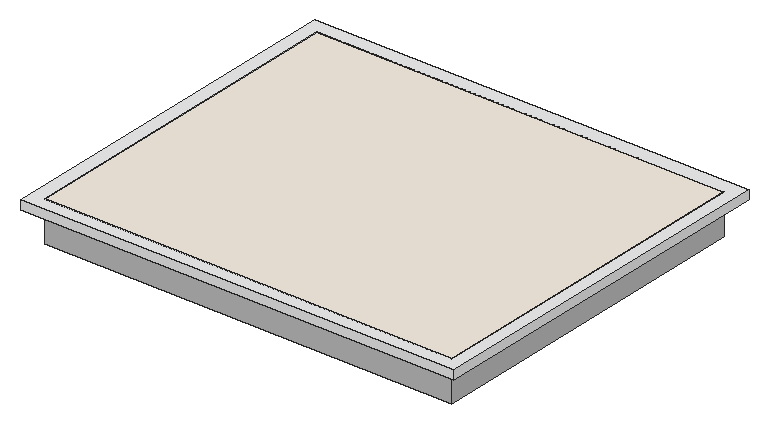
Revit family "Lighting-Industrial-GEWISS-ELIA-HL-LED_HIGHBAY", category Apparecchi per illuminazione, host Superficie, Revit 2019 (continued)
Types (12, lengths in mm): name | Weight (kg): | Weight (kg) | Voltage | Technical sheet | System power | Optic | built-in parameter 1150142 | Lumen output (lm) | Model | IDT | File diagramma fotometrico | Description
    8260.10 8264.93 8269.76 8272.98 8273.79 \r\n8273.79 8272.18 8268.15 8263.32 8256.08 8247.22 8236.76 \r\n8223.88 8209.39 8192.48 8173.97 8153.84 8130.50 8103.93 \r\n8076.56 8045.97 8013.77 7976.74 7938.91 7896.24 7850.36 \r\n7800.45 7745.71 7686.94 7622.54 7553.31 7478.45 7396.34 \r\n7308.59 7215.21 7115.39 7009.94 6898.85 6782.12 6658.15 \r\n6526.13 6379.62 6220.23 6046.35 5865.23 5686.52 5507.00 \r\n5329.10 5152.80 4978.92 4811.48 4649.68 4493.51 4342.17 \r\n4197.27 4062.03 3934.03 3810.87 3692.54 3576.62 3464.72 \r\n3349.61 3236.91 3126.62 3021.17 2921.35 2825.55 2729.76 \r\n2637.18 2547.83 2461.69 2378.78 2299.08 2219.39 2142.91 \r\n2068.05 1996.40 1926.37 1857.94 1790.32 1722.70 1655.08 \r\n1588.02 1522.01 1457.61 1395.63 1335.74 1277.86 1222.80 \r\n1170.95 1122.49 1077.90 1036.12 996.91 959.40 923.01 \r\n887.19 850.64 814.34 779.00 744.06 708.64 674.43 643.68 \r\n613.89 583.06 553.04 525.18 499.10 475.19 452.57 430.43 \r\n409.02 387.85 367.40 348.24 329.89 311.94 294.47 276.60 \r\n259.61 244.64 230.71 217.43 204.71 192.80 181.37 170.02 \r\n158.63 146.47 134.52 123.74 113.52 103.60 94.00 84.60 \r\n75.51 66.82 58.49 50.44 42.83 35.72 29.15 23.15 17.74 \r\n12.84 8.78 5.91 4.00 2.95 2.79 \r\n8062.88 8063.68 8065.29 8066.90 8069.32 8071.73 8075.76 \r\n8080.59 8085.42 8090.25 8096.69 8102.32 8109.57 8116.81 \r\n8125.67 8133.72 8140.96 8150.62 8159.48 8168.33 8177.99 \r\n8186.85 8196.51 8205.36 8214.22 8223.07 8231.93 8239.17 \r\n8246.42 8253.66 8260.10 8264.93 8269.76 8272.18 8274.59 \r\n8274.59 8272.98 8268.96 8264.13 8257.69 8249.64 8238.37 \r\n8227.10 8211.80 8195.70 8177.19 8157.06 8133.72 8108.76 \r\n8080.59 8050.00 8017.80 7982.38 7944.54 7902.68 7856.80 \r\n7807.69 7753.76 7695.80 7632.20 7563.78 7488.91 7408.41 \r\n7320.67 7228.90 7129.08 7023.62 6913.34 6797.42 6675.06 \r\n6541.43 6396.53 6237.94 6064.87 5884.55 5705.03 5524.71 \r\n5346.00 5168.90 4992.61 4820.34 4657.73 4501.56 4347.80 \r\n4202.10 4065.25 3935.64 3811.68 3694.14 3579.03 3466.33 \r\n3351.22 3237.71 3126.62 3019.56 2920.54 2824.74 2728.14 \r\n2633.96 2544.61 2458.47 2376.36 2296.67 2216.97 2140.49 \r\n2066.43 1993.99 1924.76 1857.13 1789.52 1721.90 1654.28 \r\n1587.22 1520.32 1455.04 1392.33 1332.11 1274.88 1220.62 \r\n1169.18 1120.80 1076.12 1034.34 994.90 957.23 920.60 \r\n884.53 848.07 811.84 776.42 741.40 706.23 672.34 641.99 \r\n612.61 581.69 551.67 523.81 497.81 473.98 451.61 429.63 \r\n408.14 386.96 366.52 347.60 329.41 311.62 294.07 276.03 \r\n258.97 244.08 230.39 217.19 204.47 192.56 181.04 169.53 \r\n157.99 145.85 134.01 123.37 113.28 103.37 93.75 84.36 \r\n75.29 66.65 58.37 50.37 42.78 35.69 29.12 23.14 17.73 \r\n12.87 8.82 5.95 4.04 2.97 2.80 \r\n8062.88 8063.68 8065.29 8066.90 8069.32 8071.73 8075.76 \r\n8080.59 8084.61 8090.25 8095.08 8102.32 8108.76 8116.81 \r\n8124.86 8132.91 8140.96 8149.82 8158.67 8168.33 8177.19 \r\n8186.85 8195.70 8205.36 8214.22 8222.27 8230.32 8238.37 \r\n8246.42 8252.86 8259.30 8264.93 8269.76 8272.98 8273.79 \r\n8274.59 8273.79 8269.76 8265.74 8259.30 8250.44 8240.78 \r\n8228.71 8214.22 8198.12 8180.41 8160.28 8137.74 8112.79 \r\n8085.42 8054.83 8022.63 7988.01 7950.18 7909.12 7864.85 \r\n7815.74 7761.81 7704.65 7642.67 7573.44 7500.18 7419.68 \r\n7333.55 7240.97 7141.96 7037.31 6927.83 6812.71 6689.55 \r\n6557.53 6412.63 6255.65 6083.38 5902.26 5721.94 5540.81 \r\n5362.10 5184.20 5004.68 4831.61 4665.78 4507.19 4353.44 \r\n4206.12 4068.47 3938.06 3813.29 3694.14 3579.84 3467.94 \r\n3352.83 3237.71 3125.82 3017.95 2918.93 2823.14 2726.54 \r\n2633.16 2542.99 2456.86 2373.95 2295.06 2215.36 2138.89 \r\n2064.83 1992.38 1923.95 1856.33 1789.52 1721.90 1654.28 \r\n1586.82 1519.12 1452.86 1389.51 1329.06 1272.38 1218.69 \r\n1167.65 1119.51 1074.76 1032.82 993.13 955.21 918.42 \r\n882.12 845.65 809.51 774.01 738.99 703.97 670.32 640.30 \r\n611.24 580.40 550.30 522.45 496.52 472.86 450.56 428.74 \r\n407.41 386.16 365.71 346.87 328.92 311.13 293.58 275.55 \r\n258.41 243.67 230.15 216.87 204.23 192.31 180.72 169.05 \r\n157.37 145.29 133.55 123.04 113.07 103.15 93.50 84.12 \r\n75.08 66.49 58.26 50.30 42.75 35.67 29.12 23.14 17.74 \r\n12.90 8.88 6.00 4.07 3.00 2.81 \r\n8062.88 8063.68 8065.29 8066.90 8069.32 8071.73 8075.76 \r\n8080.59 8084.61 8090.25 8095.08 8101.52 8108.76 8116.81 \r\n8124.06 8132.11 8140.96 8149.01 8157.87 8166.72 8176.38 \r\n8185.24 8195.70 8203.75 8212.61 8221.46 8230.32 8238.37 \r\n8244.81 8252.86 8258.49 8264.13 8268.96 8272.98 8273.79 \r\n8274.59 8273.79 8271.37 8265.74 8260.10 8252.05 8242.39 \r\n8230.32 8216.63 8200.53 8183.63 8164.31 8140.96 8116.01 \r\n8088.64 8058.85 8026.65 7992.84 7955.81 7914.76 7870.48 \r\n7822.18 7769.86 7712.70 7651.52 7583.90 7509.84 7430.15 \r\n7344.82 7253.05 7154.84 7050.99 6941.51 6826.40 6704.04 \r\n6572.82 6428.73 6273.36 6101.09 5920.77 5739.65 5557.72 \r\n5377.40 5198.69 5017.56 4840.46 4673.02 4513.63 4358.27 \r\n4210.15 4070.88 3939.67 3814.09 3694.14 3580.64 3468.75 \r\n3353.63 3237.71 3125.01 3017.14 2917.32 2822.33 2725.73 \r\n2631.55 2541.39 2455.25 2373.14 2293.45 2215.36 2138.89 \r\n2064.02 1992.38 1923.15 1856.33 1789.52 1721.90 1654.28 \r\n1586.82 1518.47 1451.42 1387.42 1326.72 1270.37 1217.32 \r\n1166.61 1118.63 1073.87 1031.69 991.68 953.52 916.33 \r\n879.95 843.48 807.33 771.67 736.58 701.80 668.47 638.69 \r\n609.79 579.12 549.09 521.40 495.40 471.89 449.59 427.86 \r\n406.69 385.35 364.91 346.23 328.36 310.65 293.10 275.07 \r\n257.84 243.19 229.83 216.63 204.07 192.07 180.40 168.65 \r\n156.81 144.80 133.20 122.79 112.89 102.97 93.28 83.91 \r\n74.90 66.35 58.16 50.24 42.72 35.68 29.13 23.14 17.75 \r\n12.94 8.94 6.05 4.11 3.02 2.82 \r\n8062.88 8063.68 8065.29 8066.90 8069.32 8071.73 8075.76 \r\n8080.59 8084.61 8090.25 8095.88 8101.52 8108.76 8116.81 \r\n8124.06 8132.11 8140.16 8149.01 8157.87 8166.72 8174.77 \r\n8185.24 8194.90 8203.75 8211.80 8221.46 8229.51 8237.56 \r\n8244.81 8252.05 8258.49 8263.32 8268.15 8272.18 8273.79 \r\n8274.59 8273.79 8271.37 8265.74 8260.91 8252.86 8242.39 \r\n8231.12 8218.24 8202.14 8186.04 8166.72 8143.38 8119.23 \r\n8091.86 8062.88 8032.29 7997.67 7960.64 7921.20 7876.92 \r\n7829.43 7777.10 7721.56 7659.57 7592.76 7519.50 7440.61 \r\n7355.28 7264.32 7166.91 7063.07 6954.39 6840.08 6718.53 \r\n6588.12 6445.63 6291.07 6120.41 5941.70 5757.36 5572.21 \r\n5390.28 5209.15 5027.22 4848.51 4681.07 4518.46 4362.29 \r\n4212.56 4072.49 3940.47 3814.09 3694.14 3577.42 3464.72 \r\n3348.80 3235.30 3124.21 3017.14 2918.13 2823.14 2727.34 \r\n2634.77 2545.41 2458.47 2375.56 2295.86 2216.97 2140.49 \r\n2066.43 1993.99 1925.56 1857.94 1791.13 1723.51 1655.08 \r\n1587.70 1518.87 1451.66 1388.14 1327.85 1271.10 1217.48 \r\n1166.85 1119.03 1074.11 1031.61 991.20 952.48 915.04 \r\n878.42 841.87 805.72 770.14 735.05 700.35 667.10 637.24 \r\n608.34 577.91 548.12 520.59 494.83 471.09 448.71 426.81 \r\n405.56 384.47 364.10 345.35 327.31 309.52 292.05 274.26 \r\n257.44 242.87 229.51 216.46 203.83 191.83 180.00 168.25 \r\n156.60 144.74 133.26 122.85 112.89 102.90 93.16 83.78 \r\n74.78 66.26 58.11 50.23 42.74 35.71 29.19 23.20 17.79 \r\n12.99 9.00 6.11 4.15 3.05 2.83 \r\n8062.88 8063.68 8065.29 8066.90 8069.32 8072.54 8074.95 \r\n8079.78 8084.61 8089.44 8095.08 8101.52 8107.96 8116.01 \r\n8123.25 8131.30 8140.16 8148.21 8157.06 8165.92 8174.77 \r\n8184.43 8194.09 8202.95 8211.00 8220.66 8228.71 8236.76 \r\n8244.00 8251.25 8257.69 8263.32 8267.35 8271.37 8272.98 \r\n8274.59 8273.79 8271.37 8266.54 8260.91 8253.66 8244.00 \r\n8232.73 8219.05 8203.75 8186.85 8168.33 8146.60 8121.64 \r\n8095.88 8066.90 8036.31 8002.50 7965.47 7926.03 7882.56 \r\n7835.06 7784.35 7728.00 7666.82 7600.81 7528.36 7450.27 \r\n7364.94 7273.98 7177.38 7075.14 6966.47 6851.35 6732.21 \r\n6601.80 6460.93 6307.98 6138.93 5961.02 5775.07 5585.89 \r\n5402.35 5219.62 5035.27 4856.56 4687.51 4524.10 4365.51 \r\n4214.98 4074.10 3941.28 3814.89 3693.34 3575.01 3459.09 \r\n3343.97 3230.47 3121.79 3016.34 2918.13 2823.14 2729.76 \r\n2637.99 2548.63 2462.49 2379.58 2299.89 2220.19 2143.72 \r\n2068.85 1997.21 1927.98 1861.16 1792.74 1725.12 1656.69 \r\n1588.75 1519.84 1452.54 1389.51 1329.62 1272.22 1217.97 \r\n1167.41 1119.84 1074.76 1031.93 990.96 951.75 914.00 \r\n877.21 840.58 804.44 768.78 733.76 699.14 665.98 635.87 \r\n606.73 576.70 547.40 520.11 494.43 470.44 447.66 425.76 \r\n404.59 383.58 363.30 344.38 326.27 308.40 290.85 273.54 \r\n257.04 242.63 229.18 216.22 203.67 191.59 179.68 168.00 \r\n156.46 144.77 133.43 122.99 112.94 102.88 93.09 83.69 \r\n74.69 66.20 58.07 50.22 42.75 35.76 29.25 23.25 17.84 \r\n13.05 9.07 6.17 4.19 3.08 2.85 \r\n8062.88 8063.68 8065.29 8066.90 8069.32 8072.54 8075.76 \r\n8079.78 8083.81 8089.44 8095.08 8100.71 8107.96 8115.20 \r\n8123.25 8131.30 8139.35 8147.40 8156.26 8165.11 8173.97 \r\n8183.63 8193.29 8201.34 8210.19 8219.85 8227.90 8235.95 \r\n8244.00 8250.44 8256.88 8262.52 8266.54 8270.57 8272.18 \r\n8273.79 8272.98 8270.57 8266.54 8260.91 8253.66 8244.00 \r\n8233.54 8220.66 8205.36 8188.46 8169.94 8149.01 8124.86 \r\n8098.30 8070.93 8040.34 8006.53 7971.11 7931.66 7888.19 \r\n7841.50 7790.79 7735.24 7674.87 7608.05 7536.41 7459.13 \r\n7375.41 7284.44 7188.65 7085.61 6977.74 6862.62 6743.48 \r\n6615.49 6475.42 6324.08 6156.64 5979.54 5791.17 5599.58 \r\n5412.82 5228.47 5044.13 4863.81 4693.15 4528.93 4368.73 \r\n4216.59 4075.71 3942.08 3814.89 3692.54 3571.79 3453.45 \r\n3338.34 3226.44 3119.38 3017.14 2918.13 2823.94 2732.17 \r\n2641.21 2552.66 2467.33 2384.41 2303.11 2223.41 2146.13 \r\n2072.07 2000.43 1931.20 1863.58 1795.15 1726.73 1658.30 \r\n1590.20 1520.97 1453.67 1391.28 1331.71 1273.75 1218.85 \r\n1168.30 1120.88 1075.64 1032.49 990.96 951.19 913.27 \r\n876.32 839.53 803.39 767.65 732.63 698.02 664.93 634.50 \r\n605.28 575.58 546.76 519.79 494.19 469.96 446.86 424.80 \r\n403.55 382.78 362.65 343.57 325.22 307.27 289.88 272.81 \r\n256.80 242.39 229.02 215.98 203.50 191.27 179.35 167.76 \r\n156.40 144.90 133.69 123.18 113.01 102.87 93.03 83.62 \r\n74.62 66.15 58.05 50.22 42.77 35.81 29.32 23.30 17.89 \r\n13.11 9.14 6.23 4.24 3.11 2.86 \r\n8062.88 8063.68 8065.29 8066.90 8069.32 8072.54 8075.76 \r\n8079.78 8083.81 8089.44 8095.08 8101.52 8107.15 8115.20 \r\n8122.45 8130.50 8138.55 8147.40 8155.45 8164.31 8173.16 \r\n8182.02 8192.48 8200.53 8210.19 8218.24 8227.10 8235.15 \r\n8243.20 8249.64 8256.08 8261.71 8266.54 8269.76 8272.18 \r\n8272.98 8272.18 8269.76 8266.54 8260.91 8254.47 8244.81 \r\n8234.34 8220.66 8206.17 8190.07 8171.55 8150.62 8127.28 \r\n8101.52 8073.34 8042.75 8010.55 7975.13 7936.49 7893.83 \r\n7847.14 7797.23 7741.68 7681.31 7614.49 7544.46 7467.98 \r\n7384.26 7293.30 7197.50 7095.27 6987.40 6873.09 6753.95 \r\n6627.56 6489.10 6338.57 6173.54 5997.25 5806.46 5610.85 \r\n5422.48 5236.52 5051.37 4870.25 4697.17 4532.15 4371.15 \r\n4218.20 4077.32 3943.69 3815.70 3691.73 3568.57 3448.62 \r\n3333.51 3223.22 3117.77 3017.14 2918.93 2824.74 2733.78 \r\n2645.23 2556.68 2471.35 2388.43 2307.13 2227.43 2149.35 \r\n2075.29 2003.65 1934.42 1866.80 1796.76 1728.34 1659.91 \r\n1591.57 1522.42 1455.20 1393.21 1333.97 1275.44 1219.74 \r\n1169.26 1121.93 1076.61 1033.14 991.20 950.95 912.63 \r\n875.60 838.73 802.50 766.76 731.75 697.13 663.88 633.21 \r\n603.83 574.53 546.11 519.47 494.11 469.56 446.13 423.91 \r\n402.74 382.13 362.09 342.93 324.33 306.30 288.91 272.33 \r\n256.71 242.39 228.86 215.90 203.42 191.11 179.11 167.68 \r\n156.41 145.10 134.01 123.41 113.11 102.89 92.99 83.56 \r\n74.58 66.11 58.02 50.22 42.79 35.85 29.37 23.35 17.92 \r\n13.16 9.21 6.29 4.28 3.13 2.88 \r\n8062.88 8063.68 8065.29 8066.90 8068.51 8071.73 8075.76 \r\n8078.98 8083.81 8088.64 8094.27 8100.71 8107.15 8114.40 \r\n8122.45 8129.69 8138.55 8146.60 8154.65 8163.50 8172.36 \r\n8181.21 8190.87 8200.53 8209.39 8217.44 8226.29 8234.34 \r\n8242.39 8248.83 8255.27 8261.71 8265.74 8268.96 8271.37 \r\n8272.18 8271.37 8269.76 8265.74 8260.91 8253.66 8244.81 \r\n8234.34 8222.27 8207.78 8191.68 8173.16 8153.04 8129.69 \r\n8103.93 8076.56 8046.78 8013.77 7979.16 7940.52 7897.85 \r\n7851.97 7802.06 7747.32 7686.94 7621.74 7550.90 7475.23 \r\n7391.51 7302.15 7205.55 7104.12 6996.25 6881.94 6764.41 \r\n6638.03 6501.18 6351.45 6188.84 6013.35 5820.95 5622.92 \r\n5431.33 5242.96 5056.20 4875.08 4702.00 4535.37 4373.56 \r\n4220.61 4078.13 3945.30 3815.70 3690.93 3565.35 3444.60 \r\n3329.48 3219.20 3116.16 3017.14 2918.93 2825.55 2735.39 \r\n2648.45 2560.71 2475.38 2392.46 2311.16 2230.66 2152.57 \r\n2078.51 2006.06 1936.83 1868.41 1799.98 1730.75 1661.52 \r\n1593.01 1523.87 1456.81 1395.15 1336.06 1276.97 1220.70 \r\n1170.31 1123.14 1077.65 1033.94 991.52 950.79 912.39 \r\n875.12 838.17 801.86 766.04 730.94 696.33 663.00 632.01 \r\n602.46 573.48 545.71 519.47 494.11 469.23 445.41 423.19 \r\n402.10 381.57 361.77 342.37 323.61 305.58 288.27 272.01 \r\n256.80 242.55 228.86 215.82 203.34 190.87 178.87 167.52 \r\n156.49 145.35 134.37 123.67 113.22 102.91 92.95 83.52 \r\n74.55 66.08 58.01 50.21 42.81 35.89 29.42 23.39 17.94 \r\n13.20 9.27 6.34 4.31 3.16 2.89 \r\n8062.88 8063.68 8065.29 8066.90 8068.51 8071.73 8075.76 \r\n8078.98 8083.81 8088.64 8095.08 8100.71 8107.15 8114.40 \r\n8121.64 8130.50 8138.55 8146.60 8154.65 8163.50 8171.55 \r\n8181.21 8190.07 8199.73 8207.78 8217.44 8226.29 8234.34 \r\n8241.59 8248.83 8254.47 8260.91 8264.93 8268.15 8270.57 \r\n8272.18 8271.37 8269.76 8265.74 8260.91 8253.66 8244.81 \r\n8234.34 8222.27 8208.58 8192.48 8173.97 8153.84 8132.11 \r\n8106.35 8078.98 8049.19 8016.99 7982.38 7943.74 7901.88 \r\n7855.99 7806.89 7752.15 7691.77 7627.37 7557.34 7482.47 \r\n7398.75 7308.59 7212.80 7111.37 7004.30 6889.99 6773.27 \r\n6647.69 6510.03 6362.72 6202.52 6027.84 5833.83 5632.58 \r\n5439.38 5248.60 5061.84 4879.91 4705.22 4537.78 4375.98 \r\n4222.22 4080.54 3946.91 3817.31 3690.93 3563.74 3440.57 \r\n3326.26 3216.78 3115.35 3017.14 2919.74 2825.55 2736.20 \r\n2650.87 2563.93 2478.60 2395.68 2314.38 2233.88 2154.99 \r\n2080.93 2009.28 1940.05 1870.82 1801.59 1732.36 1663.13 \r\n1594.46 1525.39 1458.34 1396.76 1337.75 1278.10 1221.51 \r\n1171.11 1124.18 1078.54 1034.67 991.92 950.87 912.23 \r\n874.87 837.92 801.46 765.56 730.38 695.60 662.19 630.88 \r\n601.09 572.60 545.39 519.39 494.11 469.07 444.84 422.63 \r\n401.53 381.17 361.53 342.04 323.13 305.01 287.79 271.93 \r\n257.12 242.71 228.94 215.90 203.18 190.70 178.71 167.52 \r\n156.63 145.65 134.75 123.95 113.32 102.94 92.94 83.50 \r\n74.54 66.07 57.98 50.19 42.79 35.90 29.45 23.41 17.94 \r\n13.22 9.32 6.38 4.34 3.17 2.90 \r\n8062.88 8063.68 8065.29 8066.90 8068.51 8071.73 8074.95 \r\n8079.78 8083.81 8088.64 8094.27 8099.91 8106.35 8113.59 \r\n8121.64 8129.69 8137.74 8145.79 8154.65 8162.70 8172.36 \r\n8180.41 8190.07 8198.92 8208.58 8216.63 8225.49 8233.54 \r\n8241.59 8248.03 8254.47 8260.10 8264.93 8268.15 8270.57 \r\n8271.37 8271.37 8268.96 8265.74 8260.91 8254.47 8245.61 \r\n8235.95 8223.07 8209.39 8194.09 8175.58 8155.45 8133.72 \r\n8108.76 8080.59 8051.61 8020.21 7984.79 7946.96 7904.29 \r\n7860.02 7810.11 7756.98 7697.41 7632.20 7563.78 7488.11 \r\n7405.19 7315.03 7220.04 7117.81 7009.94 6896.43 6778.10 \r\n6652.52 6517.28 6369.96 6210.57 6037.50 5843.49 5643.05 \r\n5447.43 5254.23 5065.06 4882.32 4706.83 4537.78 4376.78 \r\n4225.44 4084.57 3950.13 3819.73 3692.54 3566.15 3443.79 \r\n3328.68 3219.20 3116.16 3016.34 2918.93 2823.94 2734.59 \r\n2647.64 2561.51 2476.18 2394.07 2312.77 2233.07 2154.99 \r\n2080.93 2009.28 1939.25 1870.02 1801.59 1732.36 1663.93 \r\n1595.03 1526.04 1458.90 1395.95 1335.74 1276.65 1220.70 \r\n1170.71 1124.02 1078.54 1034.75 992.08 951.03 912.39 \r\n875.04 838.09 801.70 765.47 729.81 694.80 660.99 629.59 \r\n599.81 571.79 545.07 519.31 494.27 469.07 444.84 422.71 \r\n401.78 381.65 362.09 342.69 323.93 305.90 288.75 273.06 \r\n258.24 243.59 229.43 216.14 203.26 190.87 178.87 167.68 \r\n156.90 145.99 135.10 124.13 113.34 102.93 92.92 83.51 \r\n74.56 66.03 57.90 50.10 42.70 35.81 29.37 23.31 17.85 \r\n13.18 9.33 6.39 4.34 3.17 2.89 \r\n8062.88 8064.49 8065.29 8066.90 8069.32 8071.73 8075.76 \r\n8079.78 8083.81 8088.64 8094.27 8100.71 8106.35 8113.59 \r\n8120.84 8128.89 8137.74 8145.79 8153.84 8162.70 8171.55 \r\n8181.21 8189.26 8198.92 8207.78 8215.83 8224.68 8232.73 \r\n8240.78 8248.03 8253.66 8260.10 8264.13 8267.35 8270.57 \r\n8270.57 8271.37 8269.76 8265.74 8260.91 8254.47 8245.61 \r\n8235.95 8223.88 8209.39 8194.09 8177.19 8157.87 8134.52 \r\n8109.57 8083.00 8053.22 8021.82 7987.21 7948.57 7907.51 \r\n7862.43 7813.33 7760.20 7700.63 7637.03 7567.80 7492.13 \r\n7410.02 7320.67 7224.87 7123.44 7014.77 6900.46 6782.12 \r\n6656.54 6521.30 6375.60 6217.01 6044.74 5852.35 5651.10 \r\n5453.87 5258
